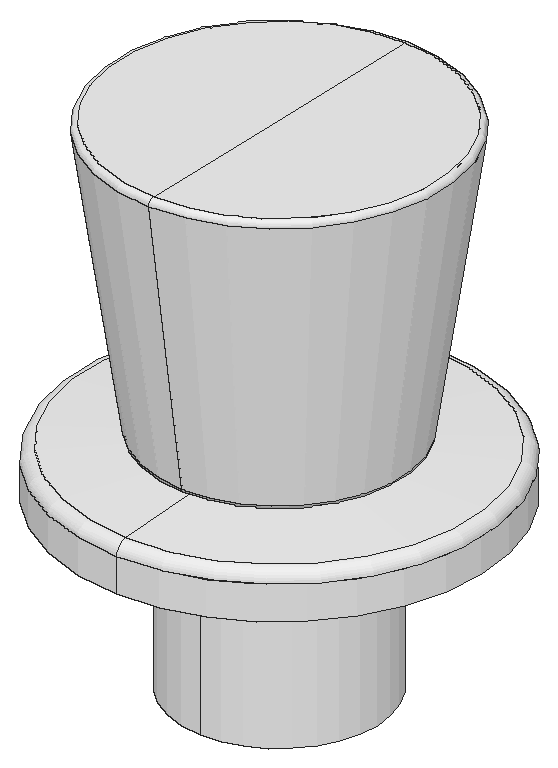
Revit family "StopValve-(Built-in,Exposedpart)-Vitra-LiquidSeries-A42793", category Plumbing Fixtures, host Face, Revit 2017
Family settings
  Host = Face
  Round Connector Dimension = Use Diameter
  Part Type = Normal
  OmniClass Number = 23.45.00.00
  OmniClass Title = Sanitary, Laundry, and Cleaning Equipment
  Cut with Voids When Loaded = No
  Shared = Yes
  Room Calculation Point = No
Parameters (values of type "StopValve-(Built-in,Exposedpart)-Vitra-LiquidSeries-A42793")
  Youtube = "https://www.youtube.com/user/VitrAglobal"
  Weight Net (kg) = "0.7"
  Waste Connection = no
  Warranty Period (Year) = "10 Years"
  Vent Connection = no
  Uniformat II Description = "Plumbing Fixture"
  Uniformat II Code = "22 40 00"
  Uniclass 2015 Name = "Valve products"
  Uniclass 2015 Code = ""
  Uniclass 2.0 Description = "Valves"
  Uniclass 2.0 Code = ""
  Uniclass 1.4 Description = "Valves for water supply/distribution"
  Uniclass 1.4 Code = "L7117"
  URL = "https://vitraglobal.com/"
  UNSPSC Description = "Sanitary ware"
  UNSPSC Code = ""
  Test Pressure = "16 bar"
  Technical description = "https://www.vitraglobal.com/pdf/A42793/"
  Tap hole Options (default) = ""
  Specification = ""
  Region South America = "All"
  Region Oceania = "All"
  Region North America = "All"
  Region Middle East = "All"
  Region Europe = "All"
  Region Asia = "All"
  Region Antarctica = "All"
  Region Africa = "All"
  Range of flow pressure = "1 - 5 bar"
  Range of Hot Water Supply = "5 - 65 °C"
  Product url = "https://www.vitraglobal.com/taps-mixers/complimentary-products/integrated-stop-valves/built-in-stop-valve-sku-A42793/"
  Product manual = ""
  Product group = "Stop Valve (exposed part)"
  Product family = "Liquid"
  Product data url = ""
  Product certification = "https://www.vitraglobal.com/brochures/"
  Product Type = "Built-in Stop Valve(exposed part)"
  Product SKU = "A42793"
  Product Properties = ""
  Product Guid = ""
  OmniClass Description = "Faucets"
  OmniClass Code = "23-31 11 00"
  Number Of Connections = "1"
  Nominal Width (mm) = 80 mm
  Nominal Height (mm) = 82 mm
  Nominal Depth (mm) = 70 mm
  NBS Referans Description = "Valves"
  NBS Referans Code = ""
  Mounting type = "Wall Mounted"
  Model = "A42793"
  Min. flow pressure of = "0.5 bar"
  Masterformat 2014 Description = "Water Utility Distribution Valves"
  Masterformat 2014 Code = "33 12 16"
  Manufacturer name = "Vitra"
  Manufacturer = "Vitra"
  Main Material = "Brass"
  Installation instructions = ""
  IFC Classification = "Valve"
  Hot Water temperature, factory set to = "38 °C"
  Hot Water Supply (max.) = "80 °C"
  Help = ""
  HW Connection = yes
  GTIP code = ""
  Flow Rate(L/min. - 3 bar) = ""
  Features = ""
  EAN code = ""
  Design country = "Turkey"
  Description = "Liquid Built-In Stop valve"
  Default Elevation = 850 mm
  Connection Diameter (mm) = 10 mm
  Color = "Chrome"
  Coating Material = Chrome
  Calculated flow = ""
  CW Connection = yes
  COBIe Type Category = ""
  Brand = "VitrA"
  BIMobject category = "Sanitary - Taps & Mixers"
  Article No. (default) = "A42793"
  Approvals = ""
  ApplicationType = ""
  Accessories (default) = ""
Types (3, lengths in mm): name | Technical description | Product url | Product SKU | Model | Color | Coating Material | Article No. (default)
  (no name) | "https://www.vitraglobal.com/pdf/A42793/" | "https://www.vitraglobal.com/taps-mixers/complimentary-products/integrated-stop-valves/built-in-stop-valve-sku-A42793/" | "A42793" | "A42793" | "Chrome" | Chrome | "A42793"
  StopValve-(Built-in,Exposedpart)-Vitra-LiquidSeries-A42793 | "https://www.vitraglobal.com/pdf/A42793/" | "https://www.vitraglobal.com/taps-mixers/complimentary-products/integrated-stop-valves/built-in-stop-valve-sku-A42793/" | "A42793" | "A42793" | "Chrome" | Chrome | "A42793"
  StopValve-(Built-in,Exposedpart)-Vitra-LiquidSeries-A4279339 | "https://www.vitraglobal.com/pdf/A4279339/" | "https://www.vitraglobal.com/taps-mixers/complimentary-products/integrated-stop-valves/built-in-stop-valve-sku-A4279339/" | "A4279339" | "A4279339" | "Glossy black" | Glossy black (Metal) | "A4279339"
Reference planes
  plane 1 "Center (Front/Back)": y = 0
  plane 2: z = 0
  plane 3 "Center (Left/Right)": x = 0
  plane 4: z = 70
  plane 5: y = 42.019
  plane 6: x = 40
  plane 7: x = -40
  plane 8: y = -39.981
Forms (mm)
  Revolve 1, solid, material "Chrome" <- "Coating Material", detail levels fine
    sketch origin (0, 1.25, 0) x (0, 1, 0) y (0, 0, 1)
      loop
        line (0, 68.25) -> (0, -35) -> (20, -35) -> (20, 0) -> (41.231, 0) -> (41.231, 6.827)
        arc (41.231, 6.827) -> (40.572, 8.479) -> (38.956, 9.223) r 2.4
        line (38.956, 9.223) -> (22.175, 10.103) -> (22.175, 11.174) -> (24.025, 11.174)
        arc (24.025, 11.174) -> (24.547, 11.368) -> (24.816, 11.855) r 0.8
        line (24.816, 11.855) -> (33.093, 67.003)
        arc (33.093, 67.003) -> (32.842, 67.873) -> (32.019, 68.25) r 1.086
        line (32.019, 68.25) -> (0, 68.25)
      axis (0, -35) -> (0, 68.25)
    angle from 0 to 360
  Revolve 2, solid, detail levels medium
    sketch origin (0, 0, 0) x (0, 1, 0) y (0, 0, 1)
      loop
        line (1.25, -35) -> (20.566, -35) -> (20.566, 0) -> (42.019, 0) -> (42.019, 9.115) -> (25.831, 9.115) -> (36.25, 68.204) -> (1.25, 68.204) -> (1.25, -35)
      axis (1.25, 68.204) -> (1.25, -35)
    angle from 0 to 360
  Extrusion 3, solid, detail levels coarse
    sketch origin (0, 0, 0) x (1, 0, 0) y (0, 1, 0)
      loop
        circle (0, 0) r 41.299
    from 0 to 70
Dimensions and locks
  "Nominal Depth (mm)": plane 4 to level
  "Nominal Width (mm)": plane 7 to plane 6
  "Nominal Height (mm)": plane 5 to plane 8
  aligned and locked: plane 2 to host face
  aligned and locked: level to host face
Automatic sketch dimensions
  host sketch curve to host sketch curve = 2438.4 mm  (x2)
  Revolve 1 sketch curve to level = 0 mm
  Revolve 1 sketch curve to plane 1 "Center (Front/Back)" = 1.25 mm  (x2)
  Revolve 1 sketch curve to plane 5 = 20.769 mm
  Revolve 1 sketch curve to Revolve 1 sketch curve = 2.175 mm
  Revolve 1 sketch curve to Revolve 1 sketch curve = 1.85 mm
  Revolve 1 sketch curve to Revolve 1 sketch curve = 0.791 mm
  Revolve 1 sketch curve to plane 4 = 2.835 mm
  Revolve 1 sketch curve to plane 5 = 8.75 mm
  Revolve 1 sketch curve to plane 4 = 2.997 mm
  Revolve 1 sketch curve to Revolve 1 sketch curve = 1.074 mm
  Revolve 1 sketch curve to plane 5 = 1.938 mm
  Revolve 1 sketch curve to plane 5 = 1.813 mm
  plane 5 to Revolve 1 sketch curve = 0.462 mm
  Revolve 1 sketch curve to level = 35 mm
  Revolve 1 sketch curve to Revolve 1 sketch curve = 6.827 mm
  level to Revolve 1 sketch curve = 10.103 mm
  Revolve 1 sketch curve to Revolve 1 sketch curve = 1.071 mm
  Revolve 1 sketch curve to Revolve 1 sketch curve = 0.681 mm
  Revolve 1 sketch curve to Revolve 1 sketch curve = 17.797 mm
  plane 4 to Revolve 1 sketch curve = 10.454 mm
  Revolve 2 sketch curve to level = 0 mm
  Revolve 2 sketch curve to plane 5 = 0 mm
  Revolve 2 sketch curve to plane 4 = 1.796 mm
  Revolve 2 sketch curve to plane 5 = 5.769 mm
  Revolve 2 sketch curve to plane 5 = 16.188 mm
  Revolve 2 sketch curve to Revolve 2 sketch curve = 5.266 mm
  Revolve 2 sketch curve to plane 1 "Center (Front/Back)" = 1.25 mm  (x2)
  Revolve 2 sketch curve to level = 35 mm
  Revolve 2 sketch curve to Revolve 2 sketch curve = 9.115 mm
  level to Revolve 2 sketch curve = 24.115 mm
  Revolve 2 sketch curve to Revolve 2 sketch curve = 10 mm
  plane 1 "Center (Front/Back)" to Extrusion 3 sketch curve = 0 mm
  Extrusion 3 sketch curve to plane 3 "Center (Left/Right)" = 0 mm
  radius of Extrusion 3 sketch curve = 41.299 mm
